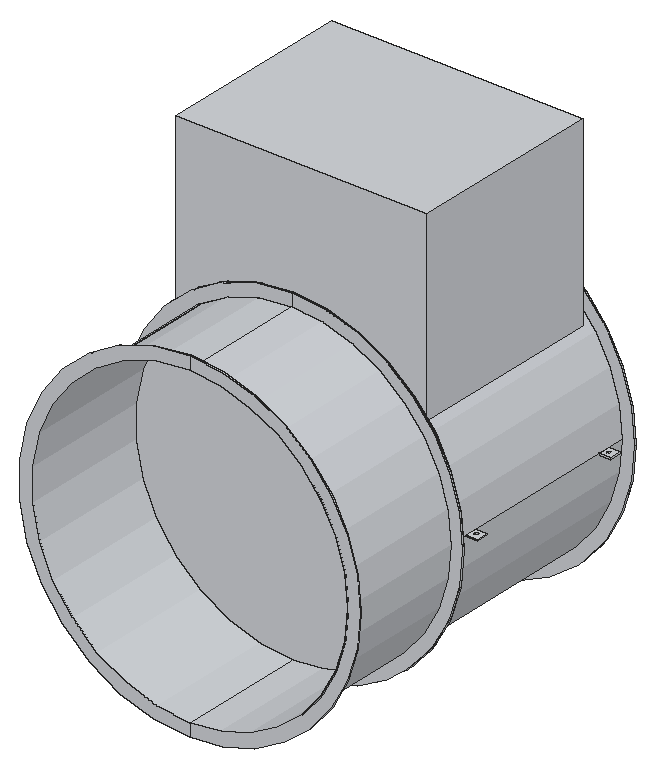
Revit family "AFBV-C_Horizontal_Ceiling_Mount", category Mechanical Equipment, Revit 2019
Family settings
  Round Connector Dimension = Use Radius
  Part Type = Normal
  Work Plane-Based = No
  Always vertical = Yes
  Cut with Voids When Loaded = No
  Shared = No
  Room Calculation Point = No
Parameters (values of type "60_AFBV-C_HOR_CEILING")
  VANE = 2' - 1"
  Unit Weight [instance] = ""
  ModelID [instance] = ""
  M/2 = M / 2  # 0' - 0 11/32"
  M = 0' - 0 11/16"
  L = 0' - 4 3/4"
  K/2 = K / 2  # 1' - 4 1/4"
  K = 2' - 8 1/2"
  J/2 = J / 2  # 2' - 8"
  J = 5' - 4"
  CENTER = 0' - 0"  # constant formula
  H-(A/2) = H - (A / 2)  # 2' - 0 1/16"
  H+J = H + CENTER  # 4' - 6 3/4"
  H = 4' - 6 3/4"
  Sones [instance] = ""
  Motor RPM [instance] = ""
  Motor Enclosure [instance] = ""
  LwA [instance] = ""
  G = 12' - 0"
  Fan RPM [instance] = ""
  F/2 = F / 2  # 0' - 1 1/2"
  F = 0' - 3"
  E/2 = E / 2  # 1' - 9"
  E-2" = E - 0' 2"  # 3' - 4"
  E = 3' - 6"
  C/2+J = C / 2 + CENTER  # 2' - 7 13/16"
  C/2 = C / 2  # 2' - 7 13/16"
  C = 5' - 3 5/8"
  B/2 = B / 2  # 2' - 9 3/8"
  B = 5' - 6 3/4"
  Accessories [instance] = ""
  A/3 = A / 2.5  # 2' - 0.55"
  A/2 = A / 2  # 2' - 6 11/16"
  A = 5' - 1 3/8"
  60 = 60.00°  # constant formula
  30 = 30.00°  # constant formula
  3" = 0' - 3"  # constant formula
  Brake Hp [instance] = ""
  4" = 0' - 4"  # constant formula
  2' = 2' - 0"
  2" = 0' - 2"  # constant formula
  1" = 0' - 1"  # constant formula
  0 = 0' - 0"  # constant formula
  Voltage [instance] = 0 V
  URL = "www.lorencook.com"
  Type Comments = "Tube Axial Fan Horizontal Ceiling Mount Belt Drive Arrangement 9"  # constant formula
  Static Pressure [instance] = 0.00 in-wg
  Power [instance] = Voltage * Motor FLA * sqrt(if(Phase = 3, 3, 1))  # 0 VA
  Phase [instance] = 0
  Number of Poles [instance] = 1
  Motor Hp [instance] = "0"
  Motor FLA [instance] = 0 A
  Model = "AFBV-C"  # constant formula
  Manufacturer = "Loren Cook Company"
  CFM [instance] = 0 CFM
  1.5 = 0' - 1 1/2"  # constant formula
  ONE EIGTH = 0' - 0 1/8"  # constant formula
  -E/2 = -E / 2  # -1' - 9"
  -(E-.25")/2 = -(E - 0' 0 1/4") / 2  # -1' - 8 7/8"
  (K/2)-((J-A-.25")/2) = (K / 2) - ((J - A - 0' 0 1/4") / 2)  # 1' - 3 1/16"
  (J-A-.25") = (J - A - 0' 0 1/4")  # 0' - 2 3/8"
  (H-(A/2))/2 = (H - (A / 2)) / 2  # 1' - 0 1/32"
  (E-.25")/2 = (E - 0' 0 1/4") / 2  # 1' - 8 7/8"
  (A+.25")/2 = (A + 0' 0 1/4") / 2  # 2' - 6 13/16"
Types (12): name | VANE | M/2 | M | L | K/2 | K | J/2 | J | H-(A/2) | H+J | H | G | F/2 | F | E/2 | E-2" | E | C/2+J | C/2 | C | B/2 | B | A/3 | A/2 | A | -E/2 | -(E-.25")/2 | (K/2)-((J-A-.25")/2) | (J-A-.25") | (H-(A/2))/2 | (E-.25")/2 | (A+.25")/2
  (no name) | 2' - 1" | 0' - 0 11/32" | 0' - 0 11/16" | 0' - 4 3/4" | 1' - 4 1/4" | 2' - 8 1/2" | 2' - 8" | 5' - 4" | 2' - 0 1/16" | 4' - 6 3/4" | 4' - 6 3/4" | 12' - 0" | 0' - 1 1/2" | 0' - 3" | 1' - 9" | 3' - 4" | 3' - 6" | 2' - 7 13/16" | 2' - 7 13/16" | 5' - 3 5/8" | 2' - 9 3/8" | 5' - 6 3/4" | 2' - 0.55" | 2' - 6 11/16" | 5' - 1 3/8" | -1' - 9" | -1' - 8 7/8" | 1' - 3 1/16" | 0' - 2 3/8" | 1' - 0 1/32" | 1' - 8 7/8" | 2' - 6 13/16"
  12_AFBV-C_HOR_CEILING | 0' - 6" | 0' - 0 7/32" | 0' - 0 7/16" | 0' - 3 1/2" | 0' - 7 1/2" | 1' - 3" | 0' - 7 1/2" | 1' - 3" | 1' - 6 3/16" | 2' - 0 5/8" | 2' - 0 5/8" | 6' - 0" | 0' - 0 5/32" | 0' - 0 5/16" | 0' - 11" | 1' - 8" | 1' - 10" | 0' - 7 5/16" | 0' - 7 5/16" | 1' - 2 5/8" | 0' - 7 13/16" | 1' - 3 5/8" | 0' - 5.15" | 0' - 6 7/16" | 1' - 0 7/8" | -0' - 11" | -0' - 10 7/8" | 0' - 6 9/16" | 0' - 1 7/8" | 0' - 9 3/32" | 0' - 10 7/8" | 0' - 6 9/16"
  16_AFBV-C_HOR_CEILING | 0' - 10" | 0' - 0 7/32" | 0' - 0 7/16" | 0' - 3 1/2" | 0' - 9" | 1' - 6" | 0' - 9 1/2" | 1' - 7" | 1' - 9 11/16" | 2' - 6 1/8" | 2' - 6 1/8" | 6' - 0" | 0' - 0 5/32" | 0' - 0 5/16" | 1' - 0 1/2" | 1' - 11" | 2' - 1" | 0' - 9 5/16" | 0' - 9 5/16" | 1' - 6 5/8" | 0' - 9 13/16" | 1' - 7 5/8" | 0' - 6 3/4" | 0' - 8 7/16" | 1' - 4 7/8" | -1' - 0 1/2" | -1' - 0 3/8" | 0' - 8 1/16" | 0' - 1 7/8" | 0' - 10 27/32" | 1' - 0 3/8" | 0' - 8 9/16"
  18_AFBV-C_HOR_CEILING | 0' - 11" | 0' - 0 7/32" | 0' - 0 7/16" | 0' - 3 1/2" | 0' - 9" | 1' - 6" | 0' - 10 1/2" | 1' - 9" | 1' - 9 11/16" | 2' - 7 1/8" | 2' - 7 1/8" | 6' - 0" | 0' - 0 5/32" | 0' - 0 5/16" | 1' - 0 1/2" | 1' - 11" | 2' - 1" | 0' - 10 5/16" | 0' - 10 5/16" | 1' - 8 5/8" | 0' - 10 13/16" | 1' - 9 5/8" | 0' - 7.55" | 0' - 9 7/16" | 1' - 6 7/8" | -1' - 0 1/2" | -1' - 0 3/8" | 0' - 8 1/16" | 0' - 1 7/8" | 0' - 10 27/32" | 1' - 0 3/8" | 0' - 9 9/16"
  24_AFBV-C_HOR_CEILING | 1' - 1" | 0' - 0 7/32" | 0' - 0 7/16" | 0' - 3 1/2" | 0' - 11 1/2" | 1' - 11" | 1' - 1 1/2" | 2' - 3" | 2' - 3 7/16" | 3' - 3 7/8" | 3' - 3 7/8" | 6' - 0" | 0' - 0 7/32" | 0' - 0 7/16" | 1' - 3 1/2" | 2' - 5" | 2' - 7" | 1' - 1 7/16" | 1' - 1 7/16" | 2' - 2 7/8" | 1' - 2 9/16" | 2' - 5 1/8" | 0' - 9.95" | 1' - 0 7/16" | 2' - 0 7/8" | -1' - 3 1/2" | -1' - 3 3/8" | 0' - 10 9/16" | 0' - 1 7/8" | 1' - 1 23/32" | 1' - 3 3/8" | 1' - 0 9/16"
  28_AFBV-C_HOR_CEILING | 1' - 1" | 0' - 0 7/32" | 0' - 0 7/16" | 0' - 4" | 0' - 11 1/2" | 1' - 11" | 1' - 3 1/2" | 2' - 7" | 2' - 3 7/16" | 3' - 5 7/8" | 3' - 5 7/8" | 6' - 0" | 0' - 0 7/32" | 0' - 0 7/16" | 1' - 3 1/2" | 2' - 5" | 2' - 7" | 1' - 3 7/16" | 1' - 3 7/16" | 2' - 6 7/8" | 1' - 4 9/16" | 2' - 9 1/8" | 0' - 11.55" | 1' - 2 7/16" | 2' - 4 7/8" | -1' - 3 1/2" | -1' - 3 3/8" | 0' - 10 9/16" | 0' - 1 7/8" | 1' - 1 23/32" | 1' - 3 3/8" | 1' - 2 9/16"
  32_AFBV-C_HOR_CEILING | 1' - 3" | 0' - 0 11/32" | 0' - 0 11/16" | 0' - 4 1/4" | 1' - 0 3/4" | 2' - 1 1/2" | 1' - 5 3/4" | 2' - 11 1/2" | 2' - 4 3/4" | 3' - 9 1/4" | 3' - 9 1/4" | 6' - 0" | 0' - 0 7/32" | 0' - 0 7/16" | 1' - 5" | 2' - 8" | 2' - 10" | 1' - 5 1/2" | 1' - 5 1/2" | 2' - 11" | 1' - 6 5/8" | 3' - 1 1/4" | 1' - 1.2" | 1' - 4 1/2" | 2' - 9" | -1' - 5" | -1' - 4 7/8" | 0' - 11 5/8" | 0' - 2 1/4" | 1' - 2 3/8" | 1' - 4 7/8" | 1' - 4 5/8"
  36_AFBV-C_HOR_CEILING | 1' - 4" | 0' - 0 11/32" | 0' - 0 11/16" | 0' - 4 1/4" | 1' - 0 3/4" | 2' - 1 1/2" | 1' - 7 9/16" | 3' - 3 1/8" | 2' - 4 3/4" | 3' - 11 1/4" | 3' - 11 1/4" | 6' - 0" | 0' - 0 7/32" | 0' - 0 7/16" | 1' - 5" | 2' - 8" | 2' - 10" | 1' - 7 1/2" | 1' - 7 1/2" | 3' - 3" | 1' - 8 11/16" | 3' - 5 3/8" | 1' - 2.8" | 1' - 6 1/2" | 3' - 1" | -1' - 5" | -1' - 4 7/8" | 0' - 11 13/16" | 0' - 1 7/8" | 1' - 2 3/8" | 1' - 4 7/8" | 1' - 6 5/8"
  44_AFBV-C_HOR_CEILING | 1' - 7" | 0' - 0 11/32" | 0' - 0 11/16" | 0' - 4 1/4" | 1' - 4 3/4" | 2' - 9 1/2" | 1' - 11 13/16" | 3' - 11 5/8" | 3' - 0 1/4" | 4' - 10 3/4" | 4' - 10 3/4" | 12' - 0" | 0' - 0 7/32" | 0' - 0 7/16" | 1' - 9" | 3' - 4" | 3' - 6" | 1' - 11 3/4" | 1' - 11 3/4" | 3' - 11 1/2" | 2' - 0 11/16" | 4' - 1 3/8" | 1' - 6" | 1' - 10 1/2" | 3' - 9" | -1' - 9" | -1' - 8 7/8" | 1' - 3 9/16" | 0' - 2 3/8" | 1' - 6 1/8" | 1' - 8 7/8" | 1' - 10 5/8"
  48_AFBV-C_HOR_CEILING | 1' - 10" | 0' - 0 11/32" | 0' - 0 11/16" | 0' - 4 3/4" | 1' - 4 1/4" | 2' - 8 1/2" | 2' - 1 7/8" | 4' - 3 3/4" | 3' - 0 3/16" | 5' - 0 3/4" | 5' - 0 3/4" | 12' - 0" | 0' - 0 7/32" | 0' - 0 7/16" | 1' - 9" | 3' - 4" | 3' - 6" | 2' - 1 13/16" | 2' - 1 13/16" | 4' - 3 5/8" | 2' - 2 3/4" | 4' - 5 1/2" | 1' - 7.65" | 2' - 0 9/16" | 4' - 1 1/8" | -1' - 9" | -1' - 8 7/8" | 1' - 3 1/16" | 0' - 2 3/8" | 1' - 6 3/32" | 1' - 8 7/8" | 2' - 0 11/16"
  54_AFBV-C_HOR_CEILING | 1' - 11" | 0' - 0 11/32" | 0' - 0 11/16" | 0' - 4 3/4" | 1' - 4 1/4" | 2' - 8 1/2" | 2' - 5" | 4' - 10" | 2' - 0 1/16" | 4' - 3 3/4" | 4' - 3 3/4" | 12' - 0" | 0' - 0 7/32" | 0' - 0 7/16" | 1' - 9" | 3' - 4" | 3' - 6" | 2' - 4 13/16" | 2' - 4 13/16" | 4' - 9 5/8" | 2' - 6 3/8" | 5' - 0 3/4" | 1' - 10.15" | 2' - 3 11/16" | 4' - 7 3/8" | -1' - 9" | -1' - 8 7/8" | 1' - 3 1/16" | 0' - 2 3/8" | 1' - 0 1/32" | 1' - 8 7/8" | 2' - 3 13/16"
  60_AFBV-C_HOR_CEILING | 2' - 1" | 0' - 0 11/32" | 0' - 0 11/16" | 0' - 4 3/4" | 1' - 4 1/4" | 2' - 8 1/2" | 2' - 8" | 5' - 4" | 2' - 0 1/16" | 4' - 6 3/4" | 4' - 6 3/4" | 12' - 0" | 0' - 1 1/2" | 0' - 3" | 1' - 9" | 3' - 4" | 3' - 6" | 2' - 7 13/16" | 2' - 7 13/16" | 5' - 3 5/8" | 2' - 9 3/8" | 5' - 6 3/4" | 2' - 0.55" | 2' - 6 11/16" | 5' - 1 3/8" | -1' - 9" | -1' - 8 7/8" | 1' - 3 1/16" | 0' - 2 3/8" | 1' - 0 1/32" | 1' - 8 7/8" | 2' - 6 13/16"
Reference planes (in)
  plane 1 "Center (Front/Back)": y = 0
  plane 2: z = 0
  plane 3 "Center (Left/Right)": x = 0.40541
Forms (in)
  Extrusion 1, solid
    sketch origin (0, 0, 0) x (1, 0, 0) y (0, 0, 1)
      loop
        circle (0.40541, 0) r 33.375
    from 21 <- "E/2" to -21 <- "-E/2"
  Extrusion 2, void
    sketch origin (0, 0, 0) x (1, 0, 0) y (0, 0, 1)
      loop
        circle (0.40541, 0) r 33.375
      loop
        circle (0.40541, 0) r 30.8125
    from 20.875 <- "(E-.25")/2" to -20.875 <- "-(E-.25")/2"
  Extrusion 3, solid
    sketch origin (0, -20.875, 0) x (-1, 0, 0) y (0, 0, 1)
      loop
        line (24.14459, 18.62009) -> (24.14459, 54.75) -> (-24.95541, 54.75) -> (-24.95541, 18.62009)
        arc (-24.95541, 18.62009) -> (-0.40541, 30.8125) -> (24.14459, 18.62009) r 30.8125
    from 2 to 40 <- "E-2""
  Extrusion 4, solid
    sketch origin (0, 0, 0) x (1, 0, 0) y (0, 1, 0)
      loop
        line (31.21791, 17.4375) -> (31.21791, 15.0625) -> (33.59291, 15.0625) -> (33.59291, 17.4375) -> (31.21791, 17.4375)
      loop
        line (31.21791, -17.4375) -> (33.59291, -17.4375) -> (33.59291, -15.0625) -> (31.21791, -15.0625) -> (31.21791, -17.4375)
      loop
        line (-30.40709, -17.4375) -> (-30.40709, -15.0625) -> (-32.78209, -15.0625) -> (-32.78209, -17.4375) -> (-30.40709, -17.4375)
      loop
        line (-30.40709, 17.4375) -> (-32.78209, 17.4375) -> (-32.78209, 15.0625) -> (-30.40709, 15.0625) -> (-30.40709, 17.4375)
    from 0 to 0.25
  Extrusion 5, void
    sketch origin (0, 0, 0) x (1, 0, 0) y (0, 1, 0)
      loop
        circle (32.40541, 16.25) r 0.34375
      loop
        circle (-31.59459, 16.25) r 0.34375
      loop
        circle (-31.59459, -16.25) r 0.34375
      loop
        circle (32.40541, -16.25) r 0.34375
    from 0 to 0.25
  Revolve 6, solid
    sketch origin (0.40541, 0, 0) x (0, 1, 0) y (0, 0, 1)
      loop
        line (-21, 33.375) -> (-21.125, 33.375) -> (-21.125, 30.9375) -> (-46, 30.9375) -> (-46, 33.375) -> (-46.125, 33.375) -> (-46.125, 30.8125) -> (-21, 30.8125) -> (-21, 33.375)
      axis (-46.125, 0) -> (-21, 0)
    angle from 0 to 360
Cuts and joins
  Extrusion 2, Extrusion 5 cuts Extrusion 1
  Extrusion 5 cuts Extrusion 4
Dimensions and locks (in)
  "0": Extrusion 1 sketch curve to plane 3 "Center (Left/Right)"
  "CENTER": Extrusion 1 sketch curve to level
  "0": Extrusion 2 sketch curve to plane 3 "Center (Left/Right)"  (x2)
  "CENTER": Extrusion 2 sketch curve to level  (x2)
  "0": Extrusion 3 sketch curve to plane 3 "Center (Left/Right)"
  "CENTER": Extrusion 3 sketch curve to level
  "H+J": Extrusion 3 sketch curve to level
  "A/3": plane 3 "Center (Left/Right)" to Extrusion 3 sketch curve  (x2)
  "(J-A-.25")": Extrusion 4 sketch curve to Extrusion 4 sketch curve  (x8)
  "(A+.25")/2": plane 3 "Center (Left/Right)" to Extrusion 4 sketch curve  (x4)
  "(K/2)-((J-A-.25")/2)": plane 1 "Center (Front/Back)" to Extrusion 4 sketch curve  (x4)
  "J/2": plane 3 "Center (Left/Right)" to Extrusion 5 sketch curve  (x4)
  "K/2": plane 1 "Center (Front/Back)" to Extrusion 5 sketch curve  (x4)
  "(A+.25")/2": Revolve 6 sketch curve to level
  "B/2": Revolve 6 sketch curve to level  (x2)
  "ONE EIGTH": Revolve 6 sketch curve to Revolve 6 sketch curve  (x3)
  "0": Revolve 6 sketch curve to cut or joined group of Extrusion 1, Extrusion 2, Extrusion 5
  "0": Revolve 6 sketch curve to level
  "VANE": Revolve 6 sketch curve to cut or joined group of Extrusion 1, Extrusion 2, Extrusion 5
  "B/2": radius of Extrusion 1 sketch curve
  "(A+.25")/2": radius of Extrusion 2 sketch curve
  "B/2": radius of Extrusion 2 sketch curve
  "(A+.25")/2": radius of Extrusion 3 sketch curve
  "M/2": radius of Extrusion 5 sketch curve  (x4)
Automatic sketch dimensions
  Extrusion 3 sketch curve to Extrusion 3 sketch curve = 0' - 0"
  Revolve 6 sketch curve to Revolve 6 sketch curve = 2' - 0"
  Revolve 6 sketch curve to Revolve 6 sketch curve = 1' - 5"
Connectors (in)
  electrical at (24.95541, 0.125, 36.68504)
    settings: on Extrusion 3, index 1, voltage 0 V, apparent load 0 VA, apparent load phase1 0 VA, apparent load phase2 0 VA, apparent load phase3 0 VA, power factor 1, load classification "Other", number of poles 1, system type 30, power factor state 1, is connector primary yes, connector utility no, sub classification motor no, connector description ""
  hvac at (0.40541, 21, 0), driven by "A/2"
    settings: on cut or joined group of Extrusion 1, Extrusion 2, Extrusion 5, index 3, duct flow 0 CFM, flow factor 0, pres drop 0.00 in-wg, loss coef 0, conn angle 0.00°, conn width 12", conn height 12", conn diameter 61 3/8", duct sys type 29, conn prof type 0, flow config 0, flow direction 1, loss method 0, conn ref index -1, conn util no, is conn primary yes, conn desc ""
  hvac at (0.40541, -46.125, 0), driven by "A/2"
    settings: on Revolve 6, index 4, duct flow 0 CFM, flow factor 0, pres drop 0.00 in-wg, loss coef 0, conn angle 0.00°, conn width 12", conn height 12", conn diameter 61 3/8", duct sys type 29, conn prof type 0, flow config 0, flow direction 2, loss method 0, conn ref index -1, conn util no, is conn primary no, conn desc ""
